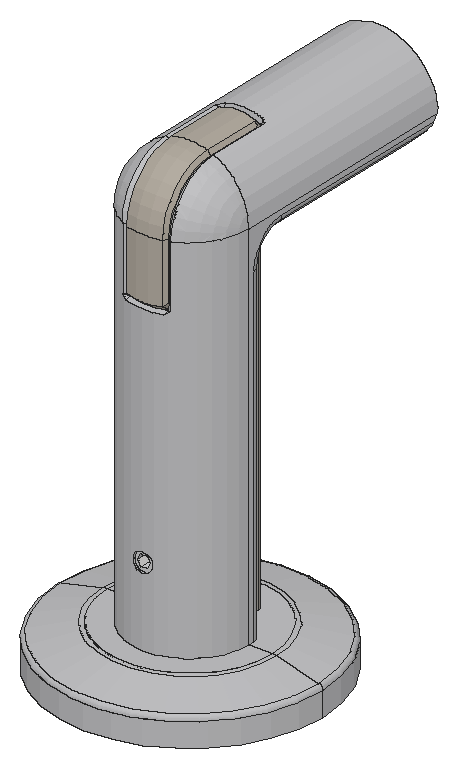
Revit family "Accessory-Robe_Hook-KALLISTA-Vice-P34602_1", category Specialty Equipment, host Face, Revit 2021
Family settings
  Host = Face
  Round Connector Dimension = Use Diameter
  Part Type = Normal
  OmniClass Number = 23.31.25.27
  OmniClass Title = Robe Hooks
  Cut with Voids When Loaded = No
  Shared = No
  Room Calculation Point = No
Parameters (values of type "Brushed Bronze, CP-Chrome")
  Width = 3 255/256"  # constant formula
  WaterSense Certified = 1 = 0  # no
  URL = "https://www.kallista.com/"
  Type = 4
  Secondary Finish = Kallista-Metal-BV-Brushed_Bronze
  Product Page URL = ""
  Product Name = "Vice"  # constant formula
  Product Documentation Link = ""
  Model = if(Type = 1, "P34602-BAF-AF", if(Type = 2, "P34602-BN-BGP", if(Type = 3, "P34602-BN-SN", if(Type = 4, "P34602-BV-CP", if(Type = 5, "P34602-CP-CP", "NA")))))  # "P34602-BV-CP"
  Material = "Premium Metal Construction"  # constant formula
  Master Format 2014 Name = "Toilet, Bath, and Laundry Accessories"  # constant formula
  Master Format 2014 = "10 28 00"  # constant formula
  Manufacturer Address = "444 Highland Dr, Kohler, WI 53044"  # constant formula
  Manufacturer = "Kallista Co."  # constant formula
  Length = 2 65/256"  # constant formula
  Height = 3 1/8"  # constant formula
  Finish = Kallista-Metal-CP-Chrome
  Environmental Product Declaration = ""
  Description = "Hook"  # constant formula
  Default Elevation = 42"
  Declare Label = ""
  Date Modified = "4/30/2024"  # constant formula
  Date Created = "4/30/2024"  # constant formula
  Copyright = "Copyright Kallista Co."  # constant formula
  Contact Us = "https://www.kallista.com/corporate/contact-us/"
  Assembly Code = "C1030200"
  ADA Compliant = 1 = 0  # no
Types (6): name | Type | Secondary Finish | Model | Finish
  (no name) | 4 | Kallista-Metal-BV-Brushed_Bronze | "P34602-BV-CP" | Kallista-Metal-CP-Chrome
  Brushed French Gold, AF-French Gold | 1 | Kallista-Metal-BAF-Brushed_French_Gold | "P34602-BAF-AF" | Kallista-Metal-AF-French_Gold
  Brushed Nickel, BGP | 2 | Kallista-Metal-BN-Brushed_Nickel | "P34602-BN-BGP" | Kallista-Metal-BGP
  Brushed Nickel, SN-Polished Nickel | 3 | Kallista-Metal-BN-Brushed_Nickel | "P34602-BN-SN" | Kallista-Metal-SN-Polished_Nickel
  Brushed Bronze, CP-Chrome | 4 | Kallista-Metal-BV-Brushed_Bronze | "P34602-BV-CP" | Kallista-Metal-CP-Chrome
  Chrome, CP-Chrome | 5 | Kallista-Metal-CP-Chrome | "P34602-CP-CP" | Kallista-Metal-CP-Chrome
Reference planes (in)
  plane 1 "Center (Front/Back)": y = 0
  plane 2: z = 0
  plane 3 "Center (Left/Right)": x = 0
  plane 4: y = 2
  plane 5: y = -1.125
  plane 6: x = -1.12598
  plane 7: x = -0.50045
  plane 8: y = 1.12697
  plane 9: y = 0.54724
  plane 10: x = 1.12792
  plane 11: x = 0.50045
  plane 12: z = 3.99609
  plane 13: z = 0.33465
Dimensions and locks (in)
  "Width": level to plane 12
  "Length": plane 6 to plane 10
  "Height": plane 4 to plane 5
  plane 6 to plane 10 = 2 65/256"
  plane 8 to plane 5 = 2.25197"  (x2)
  plane 7 to plane 11 = 1.00091"
  level to plane 13 = 0.33465"
  level to plane 12 = 3 255/256"
  plane 4 to plane 5 = 3 1/8"
  plane 4 to plane 9 = 1.45276"
  aligned and locked: plane 2 to host face
  aligned and locked: level to host face
  aligned and locked: plane 1 "Center (Front/Back)" to nested 1
  aligned and locked: plane 3 "Center (Left/Right)" to nested 1
Automatic sketch dimensions
  host sketch curve to host sketch curve = 96"  (x2)
Nested families (in)
  nested 1: "P34602" at (0, 0, 0), type "P34602"
Definition of nested family "P34602"
  Parameters
    Secondary Finish = none
    Material = none
    Default Elevation = 0"
  Reference planes (in)
    plane 1 "Center (Front/Back)": y = 0
    plane 2: z = 0
    plane 3 "Center (Left/Right)": x = 0
    plane 4: y = 1.12598
    plane 5: y = -1.12598
    plane 6: x = -1.12598
    plane 7: x = 1.12598
    plane 8: y = 2
    plane 9: z = 3.99606
    plane 10: z = 3.29921
    plane 11: y = 0.54724
    plane 12: z = 0.33465
    plane 13: x = -0.50045
    plane 14: x = 0.50045
  Forms (in)
    Revolve 1, solid, material <- "Material", detail levels medium+fine
      sketch origin (0, 0, 0) x (1, 0, 0) y (0, 0, 1)
        loop
          line (0, 0) -> (1.12598, 0) -> (1.12598, 0.20436)
          arc (1.12598, 0.20436) -> (1.11677, 0.23089) -> (1.0931, 0.246) r 0.04281
          line (1.0931, 0.246) -> (0.74059, 0.32997)
          arc (0.74059, 0.32997) -> (0.72084, 0.33347) -> (0.70081, 0.33465) r 0.17167
          line (0.70081, 0.33465) -> (0, 0.33465) -> (0, 0)
        axis (0, 0) -> (0, 0.33465)
      angle from 0 to 360
    Sweep 2, solid, material <- "Material", detail levels medium+fine
      path origin (0, 0, 0) x (0, 1, 0) y (0, 0, 1)
        loop
          line (2, 3.99606) -> (-0.00105, 3.99606)
          arc (-0.00105, 3.99606) -> (-0.35599, 3.84904) -> (-0.50302, 3.49409) r 0.50197
          line (-0.50302, 3.49409) -> (-0.50302, 0.33465)
      profile origin (0, 0.99948, 3.99606) x (0, 0, -1) y (1, 0, 0)
        loop
          line (0.50033, -0.50045) -> (0.50033, 0.50045)
          arc (0.50033, 0.50045) -> (-0.00012, 0) -> (0.50033, -0.50045) r 0.50045
    Sweep 3, solid, material <- "Material", detail levels medium+fine
      path origin (0, 0, 0) x (0, 1, 0) y (0, 0, 1)
        loop
          line (2, 3.29921) -> (0.33858, 3.29921)
          arc (0.33858, 3.29921) -> (0.23836, 3.2577) -> (0.19685, 3.15748) r 0.14173
          line (0.19685, 3.15748) -> (0.19685, 0.33465)
      profile origin (0, 0.19685, 1.74606) x (0, -1, 0) y (1, 0, 0)
        loop
          line (0, 0.35731) -> (0, -0.35731)
          arc (0, -0.35731) -> (0.0045, -0.37991) -> (0.0173, -0.39907) r 0.05906
          line (0.0173, -0.39907) -> (0.10138, -0.48316)
          arc (0.10138, -0.48316) -> (0.12054, -0.49596) -> (0.14314, -0.50045) r 0.05906
          line (0.14314, -0.50045) -> (0.14314, 0.50045)
          arc (0.14314, 0.50045) -> (0.12054, 0.49596) -> (0.10138, 0.48316) r 0.05906
          line (0.10138, 0.48316) -> (0.0173, 0.39907)
          arc (0.0173, 0.39907) -> (0.0045, 0.37991) -> (0, 0.35731) r 0.05906
    Extrusion 4, solid, material <- "Material", detail levels medium+fine
      sketch origin (0, 0, 0) x (0, 1, 0) y (0, 0, 1)
        loop
          line (-0.00269, 3.49573) -> (-0.00269, 0.33465) -> (0.05371, 0.33465) -> (0.05371, 3.15748)
          arc (0.05371, 3.15748) -> (0.13715, 3.35891) -> (0.33858, 3.44235) r 0.28487
          line (0.33858, 3.44235) -> (2, 3.44235) -> (2, 3.49573) -> (-0.00269, 3.49573)
      from -0.50045 to 0.50045
    Extrusion 5, void
      sketch origin (0, 0, 0) x (0, 1, 0) y (0, 0, 1)
        loop
          line (1.97694, 3.47145) -> (1.81623, 3.31074)
          arc (1.81623, 3.31074) -> (1.80346, 3.30221) -> (1.78839, 3.29921) r 0.03937
          line (1.78839, 3.29921) -> (1.78839, 3.25712) -> (2.04563, 3.25712) -> (2.04563, 3.52713) -> (2, 3.52713)
          arc (2, 3.52713) -> (1.99401, 3.497) -> (1.97694, 3.47145) r 0.07874
      from -0.73806 to 0.69156
    Extrusion 6, solid, material <- "Secondary Finish", detail levels medium+fine
      sketch origin (0.09676, 0, 0) x (1, 0, 0) y (0, 1, 0)
        loop
          line (0.15898, 0.19685) -> (0.15898, 0.41158)
          arc (0.15898, 0.41158) -> (0.15598, 0.42664) -> (0.14744, 0.43941) r 0.03937
          line (0.14744, 0.43941) -> (0.0524, 0.53446)
          arc (0.0524, 0.53446) -> (0.03962, 0.543) -> (0.02456, 0.54599) r 0.03937
          line (0.02456, 0.54599) -> (-0.21808, 0.54599)
          arc (-0.21808, 0.54599) -> (-0.23315, 0.543) -> (-0.24592, 0.53446) r 0.03937
          line (-0.24592, 0.53446) -> (-0.34097, 0.43941)
          arc (-0.34097, 0.43941) -> (-0.34951, 0.42664) -> (-0.3525, 0.41158) r 0.03937
          line (-0.3525, 0.41158) -> (-0.3525, 0.19685) -> (0.15898, 0.19685)
      from 0.33465 to 3.30666
    Sweep 7, void
      path origin (0, 8.99586, 0.00164) x (0, -1, 0) y (0, 0, 1)
        loop
          line (8.43665, 4.06387) -> (8.45706, 3.94812) -> (8.99689, 3.94812)
          arc (8.99689, 3.94812) -> (9.31937, 3.81454) -> (9.45295, 3.49206) r 0.45606
          line (9.45295, 3.49206) -> (9.45295, 2.96085) -> (9.64681, 2.92667)
      profile origin (0, 0.26888, 3.94975) x (0, 0, 1) y (-1, 0, 0)
        loop
          line (0.0173, 0.23376) -> (-0.02461, 0.16118) -> (-0.02461, -0.16118) -> (0.0173, -0.23376) -> (0.075, -0.23376) -> (0.075, 0.23376) -> (0.0173, 0.23376)
    Sweep 8, solid, material <- "Secondary Finish", detail levels medium+fine
      path origin (0, 8.99816, 0.00087) x (0, -1, 0) y (0, 0, 1)
        loop
          line (9.40344, 2.89849) -> (9.4986, 2.97834) -> (9.4986, 3.49257)
          arc (9.4986, 3.49257) -> (9.35171, 3.8472) -> (8.99707, 3.9941) r 0.50153
          line (8.99707, 3.9941) -> (8.48022, 3.9941) -> (8.39722, 3.89518)
      profile origin (0, 0.25952, 3.99497) x (0, 0, -1) y (-1, 0, 0)
        loop
          line (0.11588, 0.17425) -> (0.06164, 0.17425) -> (0.02301, 0.15104)
          arc (0.02301, 0.15104) -> (0, 0) -> (0.02301, -0.15104) r 0.50724
          line (0.02301, -0.15104) -> (0.06164, -0.17425) -> (0.11588, -0.17425) -> (0.11588, 0.17425)
    Extrusion 9, void
      sketch origin (0, 0, 0) x (1, 0, 0) y (0, 0, 1)
        loop
          circle (0, 1.00255) r 0.08345
      from 0.37254 to 0.55916
    Extrusion 10, solid, detail levels medium+fine
      sketch origin (0, 0, 0) x (1, 0, 0) y (0, 0, 1)
        loop
          circle (0, 1.0025) r 0.07874
        loop
          line (-0.05683, 1.0025) -> (-0.02841, 0.95329) -> (0.02841, 0.95329) -> (0.05683, 1.0025) -> (0.02841, 1.05172) -> (-0.02841, 1.05172) -> (-0.05683, 1.0025)
      from 0.37254 to 0.48425
    Sweep 11, solid, material <- "Material", detail levels coarse
      path origin (0, 0, 0) x (0, 1, 0) y (0, 0, 1)
        loop
          line (2, 3.99606) -> (-0.00105, 3.99606)
          arc (-0.00105, 3.99606) -> (-0.35599, 3.84904) -> (-0.50302, 3.49409) r 0.50197
          line (-0.50302, 3.49409) -> (-0.50302, 0.33465)
      profile origin (0, 0.99948, 3.99606) x (0, 0, -1) y (1, 0, 0)
        loop
          line (0.50033, -0.50045) -> (0.50033, 0.50045)
          arc (0.50033, 0.50045) -> (-0.00012, 0) -> (0.50033, -0.50045) r 0.50045
    Extrusion 12, solid, material <- "Material", detail levels coarse
      sketch origin (0, 0, 0) x (0, 1, 0) y (0, 0, 1)
        loop
          line (-0.00269, 3.49573) -> (-0.00269, 0.33465) -> (0.19685, 0.33465) -> (0.19685, 3.29921) -> (1.8047, 3.29921) -> (2.00122, 3.49573) -> (-0.00269, 3.49573)
      from -0.50045 to 0.50045
    Extrusion 13, solid, material <- "Secondary Finish", detail levels coarse
      sketch origin (0.12797, 0, 0) x (1, 0, 0) y (0, 1, 0)
        loop
          line (0.12777, 0.19685) -> (0.12777, 0.42788) -> (0.00966, 0.54599) -> (-0.2656, 0.54599) -> (-0.38371, 0.42788) -> (-0.38371, 0.19685) -> (0.12777, 0.19685)
      from 0.33465 to 3.30666
    Sweep 14, solid, material <- "Secondary Finish", detail levels coarse
      path origin (0, 8.99816, 0.00087) x (0, -1, 0) y (0, 0, 1)
        loop
          line (9.51091, 2.97834) -> (9.51091, 3.50487)
          arc (9.51091, 3.50487) -> (9.36401, 3.85951) -> (9.00937, 4.0064) r 0.50153
          line (9.00937, 4.0064) -> (8.48022, 4.0064)
      profile origin (0, 0.25337, 4.00727) x (0, 0, -1) y (-1, 0, 0)
        loop
          line (0.11588, 0.17425) -> (0.03087, 0.17425)
          arc (0.03087, 0.17425) -> (0, 0) -> (0.03087, -0.17425) r 0.50724
          line (0.03087, -0.17425) -> (0.11588, -0.17425) -> (0.11588, 0.17425)
    Extrusion 15, solid, material <- "Material", detail levels coarse
      sketch origin (0, 0, 0) x (1, 0, 0) y (0, 1, 0)
        loop
          circle (0, 0) r 1.12598
      from 0 to 0.33465
  Cuts and joins
    Extrusion 5, Sweep 7, Extrusion 9 cuts Sweep 2
    Extrusion 5 cuts Sweep 3
    Extrusion 5 cuts Extrusion 4
    joined: Revolve 1, Sweep 2, Sweep 3, Extrusion 4
    joined: Extrusion 6, Sweep 8
    joined: Sweep 11, Extrusion 12, Extrusion 15
    joined: Extrusion 13, Sweep 14
  Lines and regions (in)
    Masking region 1
      outline origin (0, 0, 0) x (1, 0, 0) y (0, 1, 0)
        loop
          arc (-0.50045, 1.00866) -> (0, -1.12598) -> (0.50045, 1.00866) r 1.12598
          line (0.50045, 1.00866) -> (0.50045, 1.9685)
          arc (0.50045, 1.9685) -> (0.49123, 1.99078) -> (0.46896, 2) r 0.0315
          line (0.46896, 2) -> (-0.46879, 2)
          arc (-0.46879, 2) -> (-0.49118, 1.99073) -> (-0.50045, 1.96833) r 0.03167
          line (-0.50045, 1.96833) -> (-0.50045, 1.00866)
    Masking region 2
      outline origin (0, 0, 0) x (1, 0, 0) y (0, 0, 1)
        loop
          line (1.12598, 0) -> (1.12598, 0.20375)
          arc (1.12598, 0.20375) -> (1.11648, 0.23109) -> (1.09208, 0.24664) r 0.04409
          line (1.09208, 0.24664) -> (0.74765, 0.3284)
          arc (0.74765, 0.3284) -> (0.72114, 0.33308) -> (0.69426, 0.33465) r 0.2312
          line (0.69426, 0.33465) -> (0.50045, 0.33465) -> (0.50045, 3.49573)
          arc (0.50045, 3.49573) -> (0, 3.99619) -> (-0.50045, 3.49573) r 0.50045
          line (-0.50045, 3.49573) -> (-0.50045, 0.33465) -> (-0.69426, 0.33465)
          arc (-0.69426, 0.33465) -> (-0.72114, 0.33308) -> (-0.74765, 0.3284) r 0.2312
          line (-0.74765, 0.3284) -> (-1.09208, 0.24664)
          arc (-1.09208, 0.24664) -> (-1.11648, 0.23109) -> (-1.12598, 0.20375) r 0.04409
          line (-1.12598, 0.20375) -> (-1.12598, 0) -> (1.12598, 0)
    Masking region 3
      outline origin (0, 0, 0) x (0, 1, 0) y (0, 0, 1)
        loop
          line (1.97002, 3.99606) -> (0.62277, 3.99606)
          arc (0.62277, 3.99606) -> (0.58139, 3.98523) -> (0.55063, 3.9555) r 0.08442
          arc (0.55063, 3.9555) -> (0.52148, 3.98518) -> (0.48133, 3.99606) r 0.07949
          line (0.48133, 3.99606) -> (-0.00215, 3.99606)
          arc (-0.00215, 3.99606) -> (-0.35632, 3.84936) -> (-0.50302, 3.4952) r 0.50087
          line (-0.50302, 3.4952) -> (-0.50302, 3.01907)
          arc (-0.50302, 3.01907) -> (-0.49214, 2.97813) -> (-0.46238, 2.94799) r 0.08248
          arc (-0.46238, 2.94799) -> (-0.49222, 2.91521) -> (-0.50302, 2.87223) r 0.09093
          line (-0.50302, 2.87223) -> (-0.50302, 1.11684)
          arc (-0.50302, 1.11684) -> (-0.48425, 1.0042) -> (-0.50302, 0.89156) r 0.34738
          line (-0.50302, 0.89156) -> (-0.50302, 0.33465) -> (-0.70216, 0.33465)
          arc (-0.70216, 0.33465) -> (-0.72097, 0.33356) -> (-0.73953, 0.3303) r 0.16281
          line (-0.73953, 0.3303) -> (-1.09165, 0.24727)
          arc (-1.09165, 0.24727) -> (-1.11636, 0.23156) -> (-1.12598, 0.2039) r 0.04456
          line (-1.12598, 0.2039) -> (-1.12598, 0) -> (1.12598, 0) -> (1.12598, 0.2039)
          arc (1.12598, 0.2039) -> (1.11636, 0.23156) -> (1.09165, 0.24727) r 0.04456
          line (1.09165, 0.24727) -> (0.73953, 0.3303)
          arc (0.73953, 0.3303) -> (0.72097, 0.33356) -> (0.70216, 0.33465) r 0.16281
          line (0.70216, 0.33465) -> (0.54724, 0.33465) -> (0.54724, 3.29921) -> (1.78793, 3.29921)
          arc (1.78793, 3.29921) -> (1.80447, 3.3025) -> (1.81849, 3.31187) r 0.04321
          line (1.81849, 3.31187) -> (1.97945, 3.47283)
          arc (1.97945, 3.47283) -> (1.99466, 3.4956) -> (2, 3.52245) r 0.07017
          line (2, 3.52245) -> (2, 3.96608)
          arc (2, 3.96608) -> (1.99122, 3.98728) -> (1.97002, 3.99606) r 0.02998
    symbolic lines, detail levels medium+fine
      curve 1: line (-0.50045, 1.96833, 0) -> (0.50039, 1.96833, 0)
      curve 2: arc (-0.50045, 0.96732, 0) -> (0, -1.08911, 0) -> (0.50045, 0.96732, 0) r 1.08911
      curve 3: line (-0.50045, 1.00866, 0) -> (-0.50045, 0.00083, 0)
      curve 4: line (0.50045, 1.00866, 0) -> (0.50045, 0.00083, 0)
      curve 5: arc (-0.50045, 0.00083, 0) -> (0, -0.49962, 0) -> (0.50045, 0.00083, 0) r 0.50045
      curve 6: arc (-0.50045, 0.56561, 0) -> (0, -0.75523, 0) -> (0.50045, 0.56561, 0) r 0.75523
      curve 7: arc (-0.50045, 0.49767, 0) -> (0, -0.70578, 0) -> (0.50045, 0.49767, 0) r 0.70578
      curve 8: line (-0.20854, -0.45318, 0) -> (-0.20854, 0.50865, 0)
      curve 9: line (-0.20242, 0.50388, 0) -> (-0.20242, -0.45243, 0)
      curve 10: line (-0.17842, 0.50411, 0) -> (-0.17842, -0.42237, 0)
      curve 11: arc (-0.17842, -0.42237, 0) -> (-0.1872, -0.44391, 0) -> (-0.20854, -0.45318, 0) r 0.03082
      curve 12: line (-0.17481, -0.41989, 0) -> (-0.17481, 0.49746, 0)
      curve 13: line (-0.14401, -0.47753, 0) -> (-0.14401, 0.4853, 0)
      curve 14: line (-0.15578, -0.46761, 0) -> (-0.15578, 0.49524, 0)
      curve 15: arc (-0.14401, -0.47753, 0) -> (-0.16663, -0.45256, 0) -> (-0.17481, -0.41989, 0) r 0.06934
      curve 16: arc (-0.1379, 0.58511, 0) -> (-0.0002, 0.59055, 0) -> (0.1375, 0.58512, 0) r 1.74644
      curve 17: arc (-0.13215, 0.57846, 0) -> (-0.00076, 0.5824, 0) -> (0.13063, 0.57854, 0) r 2.21696
      curve 18: arc (-0.13215, 0.57846, 0) -> (-0.18209, 0.55512, 0) -> (-0.20242, 0.50388, 0) r 0.07472
      curve 19: arc (-0.20854, 0.50865, 0) -> (-0.18818, 0.5607, 0) -> (-0.1379, 0.58511, 0) r 0.0767
      curve 20: line (0.20854, -0.45318, 0) -> (0.20854, 0.50824, 0)
      curve 21: line (0.20242, 0.50388, 0) -> (0.20242, -0.45243, 0)
      curve 22: line (0.17842, 0.50454, 0) -> (0.17842, -0.42237, 0)
      curve 23: arc (0.17842, -0.42237, 0) -> (0.1872, -0.44391, 0) -> (0.20854, -0.45318, 0) r 0.03082
      curve 24: line (0.17481, -0.41989, 0) -> (0.17481, 0.49706, 0)
      curve 25: line (0.15632, -0.47458, 0) -> (0.15632, 0.49238, 0)
      curve 26: arc (0.13063, 0.57854, 0) -> (0.18156, 0.55567, 0) -> (0.20242, 0.50388, 0) r 0.07472
      curve 27: arc (0.1375, 0.58512, 0) -> (0.18806, 0.56058, 0) -> (0.20854, 0.50824, 0) r 0.07712
      curve 28: arc (-0.12397, 0.56146, 0) -> (0.00017, 0.56469, 0) -> (0.12431, 0.56151, 0) r 2.40361
      curve 29: arc (-0.12268, 0.55258, 0) -> (-0.00026, 0.55602, 0) -> (0.12216, 0.55268, 0) r 2.21673
      curve 30: arc (-0.17481, 0.49746, 0) -> (-0.15971, 0.5354, 0) -> (-0.12268, 0.55258, 0) r 0.05521
      curve 31: arc (-0.12397, 0.56146, 0) -> (-0.16264, 0.54365, 0) -> (-0.17842, 0.50411, 0) r 0.05742
      curve 32: arc (0.12216, 0.55268, 0) -> (0.15956, 0.53536, 0) -> (0.17481, 0.49706, 0) r 0.0557
      curve 33: arc (0.12431, 0.56151, 0) -> (0.16274, 0.54383, 0) -> (0.17842, 0.50454, 0) r 0.05704
      curve 34: arc (-0.13237, 0.5198, 0) -> (-0.00115, 0.52298, 0) -> (0.13008, 0.51989, 0) r 2.74877
      curve 35: arc (-0.12481, 0.50557, 0) -> (-0.0022, 0.50892, 0) -> (0.12042, 0.50571, 0) r 2.29123
      curve 36: line (0.14148, -0.47921, 0) -> (0.14148, 0.48351, 0)
      curve 37: arc (-0.14401, 0.4853, 0) -> (-0.13845, 0.49926, 0) -> (-0.12481, 0.50557, 0) r 0.0203
      curve 38: arc (-0.15578, 0.49524, 0) -> (-0.14899, 0.5122, 0) -> (-0.13237, 0.5198, 0) r 0.02459
      curve 39: arc (0.12042, 0.50571, 0) -> (0.13538, 0.49881, 0) -> (0.14148, 0.48351, 0) r 0.02223
      curve 40: arc (0.13008, 0.51989, 0) -> (0.14871, 0.51139, 0) -> (0.15632, 0.49238, 0) r 0.02754
      curve 41: arc (0.15632, -0.47458, 0) -> (0.17006, -0.44876, 0) -> (0.17481, -0.41989, 0) r 0.09013
      curve 42: line (0.50045, 0, 0.33465) -> (-0.50045, 0, 0.33465)
      curve 43: line (1.09208, 0, 0.24664) -> (-1.09208, 0, 0.24664)
      curve 44: line (1.12598, 0, 0.20375) -> (-1.12598, 0, 0.20375)
      curve 45: line (0.74765, 0, 0.3284) -> (-0.74765, 0, 0.3284)
      curve 46: line (0.36, 0, 3.29708) -> (-0.35789, 0, 3.29708)
      curve 47: line (0.48471, 0, 3.39926) -> (0.39845, 0, 3.31301)
      curve 48: arc (0.39768, 0, 3.31225) -> (0.38031, 0, 3.30101) -> (0.36, 0, 3.29708) r 0.05437
      curve 49: arc (0.50045, 0, 3.43548) -> (0.4963, 0, 3.41653) -> (0.4857, 0, 3.40028) r 0.05388
      curve 50: line (-0.39731, 0, 3.31341) -> (-0.4849, 0, 3.401)
      curve 51: arc (-0.35789, 0, 3.29708) -> (-0.37947, 0, 3.30142) -> (-0.39768, 0, 3.31378) r 0.05575
      curve 52: arc (-0.4857, 0, 3.40181) -> (-0.4961, 0, 3.41743) -> (-0.50045, 0, 3.4357) r 0.05338
      curve 53: arc (-0.4704, 0, 3.49573) -> (0.00038, 0, 3.96652) -> (0.47117, 0, 3.49573) r 0.47079
      curve 54: line (0.47117, 0, 3.49573) -> (0.47117, 0, 3.42506)
      curve 55: line (0.45884, 0, 3.39528) -> (0.38327, 0, 3.31972)
      curve 56: line (0.35111, 0, 3.3064) -> (-0.35227, 0, 3.3064)
      curve 57: line (-0.38284, 0, 3.31906) -> (-0.45847, 0, 3.39469)
      curve 58: line (-0.4704, 0, 3.49573) -> (-0.4704, 0, 3.42349)
      curve 59: arc (-0.35227, 0, 3.3064) -> (-0.36881, 0, 3.30969) -> (-0.38284, 0, 3.31906) r 0.04325
      curve 60: arc (0.38327, 0, 3.31972) -> (0.36852, 0, 3.30986) -> (0.35111, 0, 3.3064) r 0.04548
      curve 61: arc (0.47117, 0, 3.42506) -> (0.46797, 0, 3.40894) -> (0.45884, 0, 3.39528) r 0.04211
      curve 62: arc (-0.45847, 0, 3.39469) -> (-0.4673, 0, 3.40791) -> (-0.4704, 0, 3.42349) r 0.04073
      curve 63: line (0.49936, 0, 3.52876) -> (-0.49936, 0, 3.52876)
      curve 64: line (0.47117, 0, 3.47547) -> (-0.4704, 0, 3.47547)
      curve 65: line (0.47117, 0, 3.47079) -> (-0.4704, 0, 3.47079)
      curve 66: arc (0.50193, 0, 3.50101) -> (0.49116, 0, 3.48269) -> (0.47117, 0, 3.47547) r 0.03129
      curve 67: arc (0.50193, 0, 3.50101) -> (0.49273, 0, 3.47961) -> (0.47117, 0, 3.47079) r 0.03076
      curve 68: arc (-0.4704, 0, 3.47547) -> (-0.48796, 0, 3.48037) -> (-0.50045, 0, 3.49364) r 0.03394
      curve 69: arc (-0.4704, 0, 3.47079) -> (-0.48772, 0, 3.4754) -> (-0.50045, 0, 3.48801) r 0.03483
      curve 70: line (0.25574, 0, 0.33465) -> (0.25574, 0, 3.29708)
      curve 71: line (0.36, 0, 3.29708) -> (0.36, 0, 0.33465)
      curve 72: line (0.39768, 0, 0.33465) -> (0.39768, 0, 3.31225)
      curve 73: line (0.4857, 0, 0.33465) -> (0.4857, 0, 3.40028)
      curve 74: line (-0.13675, 0, 0.33465) -> (-0.13675, 0, 3.29708)
      curve 75: line (-0.14462, 0, 0.33465) -> (-0.14462, 0, 3.29708)
      curve 76: line (-0.25574, 0, 3.29708) -> (-0.25574, 0, 0.33465)
      curve 77: line (-0.24393, 0, 3.29708) -> (-0.24393, 0, 0.33465)
      curve 78: line (0.25574, 0, 3.15947) -> (0.50045, 0, 3.15947)
      curve 79: line (-0.25574, 0, 3.15947) -> (-0.50045, 0, 3.15947)
      curve 80: line (-0.36, 0, 3.29708) -> (-0.36, 0, 0.33465)
      curve 81: line (-0.39768, 0, 0.33465) -> (-0.39768, 0, 3.31378)
      curve 82: line (-0.4857, 0, 0.33465) -> (-0.4857, 0, 3.40181)
      curve 83: line (0, 0.54724, 0.33465) -> (0, -0.50302, 0.33465)
      curve 84: line (0, 0.73953, 0.3303) -> (0, -0.73953, 0.3303)
      curve 85: line (0, 1.09165, 0.24727) -> (0, -1.09165, 0.24727)
      curve 86: line (0, 1.12598, 0.2039) -> (0, -1.12598, 0.2039)
      curve 87: line (0, 0.19685, 0.33465) -> (0, 0.19685, 3.15496)
      curve 88: line (0, 0.54724, 3.29921) -> (0, 0.3411, 3.29921)
      curve 89: arc (0, 0.3411, 3.29921) -> (0, 0.2391, 3.25696) -> (0, 0.19685, 3.15496) r 0.14425
      curve 90: line (0, 1.79732, 3.31249) -> (0, 0.33161, 3.31249)
      curve 91: line (0, 0.1824, 3.16327) -> (0, 0.1824, 0.33465)
      curve 92: arc (0, 0.33161, 3.31249) -> (0, 0.2261, 3.26878) -> (0, 0.1824, 3.16327) r 0.14922
      curve 93: line (0, 1.97002, 3.99606) -> (0, 1.97002, 3.53386)
      curve 94: line (0, 1.95052, 3.4868) -> (0, 1.89849, 3.43476)
      curve 95: arc (0, 1.97002, 3.53386) -> (0, 1.96495, 3.50839) -> (0, 1.95052, 3.4868) r 0.06656
      curve 96: line (0, 1.79732, 3.31249) -> (0, 1.88599, 3.40116)
      curve 97: line (0, 1.88599, 3.40116) -> (0, 1.89849, 3.43476)
      curve 98: line (0, 1.89849, 3.43784) -> (0, 0.33318, 3.43784)
      curve 99: line (0, 0.34416, 3.39989) -> (0, 1.88638, 3.39989)
      curve 100: line (0, 0.09373, 3.14946) -> (0, 0.09373, 0.33465)
      curve 101: line (0, 0.05662, 3.16129) -> (0, 0.05662, 0.33465)
      curve 102: arc (0, 0.09373, 3.14946) -> (0, 0.16708, 3.32654) -> (0, 0.34416, 3.39989) r 0.25043
      curve 103: arc (0, 0.33318, 3.43784) -> (0, 0.13762, 3.35684) -> (0, 0.05662, 3.16129) r 0.27655
      curve 104: line (0, -0.00061, 3.99606) -> (0, -0.00061, 0.33465)
      curve 105: line (0, -0.50302, 3.4952) -> (0, 1.95764, 3.4952)
      curve 106: line (0, -0.45294, 2.99393) -> (0, -0.45294, 3.50094)
      curve 107: line (0, -0.0063, 3.94757) -> (0, 0.49517, 3.94757)
      curve 108: arc (0, -0.45294, 3.50094) -> (0, -0.32212, 3.81675) -> (0, -0.0063, 3.94757) r 0.44664
      curve 109: arc (0, 0.49517, 3.94757) -> (0, 0.52318, 3.94956) -> (0, 0.55063, 3.9555) r 0.198
      curve 110: arc (0, -0.46238, 2.94799) -> (0, -0.45532, 2.97048) -> (0, -0.45294, 2.99393) r 0.11654
      curve 111: line (0, 0.49803, 3.97616) -> (0, -0.0035, 3.97616)
      curve 112: arc (0, 0.53482, 3.95158) -> (0, 0.52015, 3.96945) -> (0, 0.49803, 3.97616) r 0.03982
      curve 113: line (0, -0.48311, 3.00214) -> (0, -0.48311, 3.49655)
      curve 114: arc (0, -0.00061, 3.97615) -> (0, -0.34161, 3.8367) -> (0, -0.48311, 3.49655) r 0.47961
      curve 115: arc (0, -0.45796, 2.96009) -> (0, -0.47634, 2.97764) -> (0, -0.48311, 3.00214) r 0.04773
      curve 116: line (0, 0.52601, 3.96468) -> (0, 0.00244, 3.96468)
      curve 117: line (0, -0.46978, 2.96905) -> (0, -0.46978, 3.49245)
      curve 118: arc (0, -0.00061, 3.96467) -> (0, -0.33255, 3.82528) -> (0, -0.46978, 3.49245) r 0.47222
      curve 119: line (0.13675, 0, 0.33465) -> (0.13675, 0, 3.29708)
      curve 120: line (0.14462, 0, 0.33465) -> (0.14462, 0, 3.29708)
      curve 121: line (0.24393, 0, 3.29708) -> (0.24393, 0, 0.33465)
  Dimensions and locks (in)
    plane 5 to plane 8 = 3.12598"  (x2)
    plane 6 to plane 7 = 2.25197"
    level to plane 9 = 3.99606"
    plane 8 to plane 11 = 1.45276"
    plane 9 to level = 3.99606"
    plane 8 to plane 5 = 3.12598"
    level to plane 12 = 0.33465"
    aligned and locked: plane 2 to level
